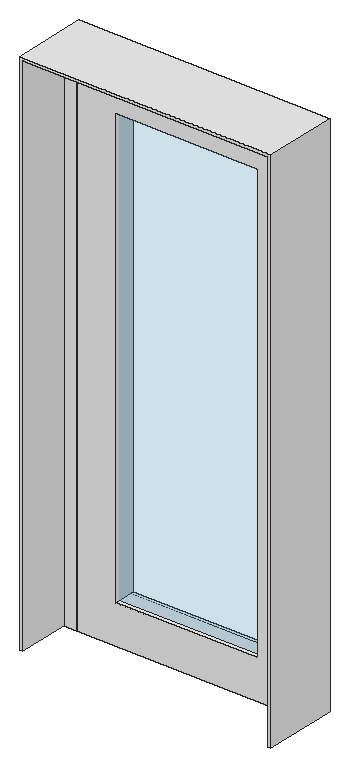
Revit family "Doorset_Entrance Door with Escape Control and Push Bar_ASSA ABLOY DE_Hardware Light", category Doors, host Wall, Revit 2015
Parameters (values of type "900 x 2110 mm (1000 x 2160 mm)")
  Uniclass 2.0 Description = "Doorsets"
  Uniclass 2.0 Code = "PR-59-23"
  Uniclass 1.4 Description = "Doors"
  Uniclass 1.4 Code = "L411"
  URL = "http://www.assaabloy.de/de/local/de/bim-spezifikationen/bim-tuerloesungen/bim/aussentuer-mit-panikstange-und-fluchttuersteuerterminal-de10/"
  Type Comments = "900 x 2110 mm (1000 x 2160 mm)"
  Thickness Constraint = if(Thickness < Minimum Thickness, Minimum Thickness, if(Thickness > Maximum Thickness, Maximum Thickness, Thickness))  # 90 mm
  Thickness = 90 mm
  Rough Width = Width + 24 mm  # 1024 mm
  Rough Height = Height + 12 mm  # 2172 mm
  Region Europe = "DE"
  Push Bar Length = Panel Width - (2 mm * 125)  # 650 mm
  Push Bar Distance From Hinge = 125 mm  # constant formula
  Push Bar Distance From Handle = 125 mm  # constant formula
  Provider = "ASSA ABLOY DE"  # constant formula
  Product Guid = "144a79a3-058c-4655-b260-41d7a545d461"
  Panic and Exit Devices_2 = "1x Door surveillance system_Flush-mounted 1385T_Effeff"  # constant formula
  Panic and Exit Devices_1 = "1x Push bar gear set (paddle)_OneSystem_ASSA ABLOY"  # constant formula
  Panel Width = Width - (2 mm * 50)  # 900 mm
  Panel Material = Steel/Aluminium
  Panel Height = Height - 50 mm  # 2110 mm
  OmniClass Title = "Doors"
  OmniClass Number = "23-17 11 00"
  Name = "Entrance Door w/ Escape Control and Push Bar"  # constant formula
  NBS Reference Description = "Doorsets"
  NBS Reference Code = "59-23"
  Model = "Doorset_Entrance Door w/ Escape Control and Push Bar_ASSA ABLOY DE_Hardware Light"  # constant formula
  Minimum Thickness = 38 mm  # constant formula
  Minimum Door Width = 900 mm  # constant formula
  Minimum Door Height = 2110 mm  # constant formula
  Maximum Thickness = 105 mm  # constant formula
  Maximum Door Width = 1500 mm  # constant formula
  Maximum Door Height = 3750 mm  # constant formula
  Manufacturer = "ASSA ABLOY"  # constant formula
  Locksets = "1x Security Panic Lock_OneSystem_ASSA ABLOY"  # constant formula
  Identity and Access Solutions = "1x Key Switch (outside) _Flush-mounted 1140_Effeff"  # constant formula
  IFC Classification = "Door"
  Hardware Set = "ES1-ML-PE-ET-DC-DE10"  # constant formula
  Function = Exterior
  Height = if(Frame Height < Minimum Door Height, Minimum Door Height + 50 mm, if(Frame Height > Maximum Door Height, Maximum Door Height + 50 mm, Frame Height))  # 2160 mm
  Wall Closure = By host
  Width = if(Frame Width < Minimum Door Width, Minimum Door Width + 100 mm, if(Frame Width > Maximum Door Width, Maximum Door Width + 100 mm, Frame Width))  # 1000 mm
  Frame Width = 1000 mm
  Frame Material = Steel/Aluminium
  Frame Height = 2160 mm
  Frame Depth [instance] = Thickness Constraint  # 90 mm
  Electronic Accessories = "1x Reed contact_10380A-6_Effeff"  # constant formula
  Edition number = 1
  Door Width [instance] = 1000 mm
  Door Height [instance] = 2160 mm
  Door Closers = "1x Door Closer DC700 with guide rail_Cam-Motion®_ASSA ABLOY"  # constant formula
  Description = "Self Closing Door with Escape route technology"  # constant formula
  Date of publishing = "22.09.2016"
  Contact Provider = "www.assaabloy.de/kontakt-tuerloesungen/"
  BIMobject Unique ref = "ES1-ML-PE-ET-DC-DE10"
  BIMobject Product Page = "http://bimobject.com/assaabloy-de/product/es1-ml-pe-et-dc-de10"
  BIMobject Product Group = "Single-Steel/Aluminium-Self Closing-Panic Device-Escape Route"
  BIMobject Product Family = "Exterior Door Solutions"
  BIMobject Instructions Video = "https://www.youtube.com/watch?v=BP0i_x6Tqq8&feature=youtu.be"
  BIMobject Brand = "ASSA ABLOY DE"
  Architectural Hardware = "1x Knob (outside)_OneSystem_ASSA ABLOY"  # constant formula
Types (8, lengths in mm): name | Type Comments | Rough Width | Rough Height | Push Bar Length | Panel Width | Panel Height | Height | Width | Frame Width | Frame Height | Door Width | Door Height
  (no name) | "900 x 2110 mm (1000 x 2160 mm)" | 1024 | 2172 | 650 | 900 | 2110 | 2160 | 1000 | 1000 | 2160 | 1000 | 2160
  900 x 2110 mm (1000 x 2160 mm) | "900 x 2110 mm (1000 x 2160 mm)" | 1024 | 2172 | 650 | 900 | 2110 | 2160 | 1000 | 1000 | 2160 | 1000 | 2160
  1000 x 2110 mm (1100 x 2160 mm) | "1000 x 2110 mm (1100 x 2160 mm)" | 1124 | 2172 | 750 | 1000 | 2110 | 2160 | 1100 | 1100 | 2160 | 1100 | 2160
  1000 x 2500 mm (1100 x 2550 mm) | "1000 x 2500 mm (1100 x 2550 mm)" | 1124 | 2562 | 750 | 1000 | 2500 | 2550 | 1100 | 1100 | 2550 | 1100 | 2550
  1000 x 3750 mm (1100 x 3800 mm) | "1000 x 3750 mm (1100 x 3800 mm)" | 1124 | 3812 | 750 | 1000 | 3750 | 3800 | 1100 | 1100 | 3800 | 1100 | 3800
  1300 x 2500 mm (1400 x 2550 mm) | "1300 x 2500 mm (1400 x 2550 mm)" | 1424 | 2562 | 1050 | 1300 | 2500 | 2550 | 1400 | 1400 | 2550 | 1400 | 2550
  1300 x 3750 mm (1400 x 3800 mm) | "1300 x 3750 mm (1400 x 3800 mm)" | 1424 | 3812 | 1050 | 1300 | 3750 | 3800 | 1400 | 1400 | 3800 | 1400 | 3800
  1500 x 3750 mm (1600 x 3800 mm) | "1500 x 3750 mm (1600 x 3800 mm)" | 1624 | 3812 | 1250 | 1500 | 3750 | 3800 | 1600 | 1600 | 3800 | 1600 | 3800
Reference planes
  plane 1: y = 0
  plane 2 "Center (Left/Right)": x = 0
  plane 3 "Exterior": y = 150
  plane 4 "Interior": y = -150
  plane 5: y = 60
  plane 6: x = 512
  plane 7: x = -512
  plane 8: z = 2172
  plane 9: x = 500
  plane 10: x = -500
  plane 11: z = 2160
  plane 12: x = 450
  plane 13: x = -450
  plane 14: z = 2110
  plane 15: x = 290
  plane 16: x = -290
  plane 17: z = 1950
  plane 18: z = 160
  plane 19: z = 1055
  plane 20: y = 135
  plane 21: y = 75
  plane 22: y = 1174
  plane 23: y = 1050
  plane 24: x = 360
  plane 25: x = -415
  plane 26: x = -662
  plane 27: x = 385.5
  plane 28: x = -325
Forms (mm)
  Extrusion 1, solid, material "Steel/Aluminium" <- "Frame Material"
    sketch origin (0, 150, 0) x (1, 0, 0) y (0, 0, 1)
      loop
        line (500, 2160) -> (-500, 2160) -> (-500, 0) -> (-450, 0) -> (-450, 2110) -> (450, 2110) -> (450, 0) -> (500, 0) -> (500, 2160)
    from 0 to 90
  Extrusion 2, solid, material "Steel/Aluminium" <- "Panel Material"
    sketch origin (0, 150, 0) x (1, 0, 0) y (0, 0, 1)
      loop
        line (-450, 2110) -> (-450, 0) -> (450, 0) -> (450, 2110) -> (-450, 2110)
      loop
        line (-290, 1950) -> (-290, 160) -> (290, 160) -> (290, 1950) -> (-290, 1950)
    from 0 to 90
  Extrusion 3, solid, material "Door Glass"
    sketch origin (0, 150, 0) x (1, 0, 0) y (0, 0, 1)
      loop
        line (-290, 1950) -> (-290, 160) -> (290, 160) -> (290, 1950) -> (-290, 1950)
    from 15 to 75
  Extrusion 4, solid, material "Steel/Aluminium" <- "Frame Material"
    sketch origin (0, 150, 0) x (1, 0, 0) y (0, 0, 1)
      loop
        line (512, 2172) -> (-512, 2172) -> (-512, 0) -> (-500, 0) -> (-500, 2160) -> (500, 2160) -> (500, 0) -> (512, 0) -> (512, 2172)
    from 0 to 300
Lines and regions (mm)
  Opening 1
    outline origin (-5000, -150, 0) x (1, 0, 0) y (0, 0, 1)
      loop
        line (5512, 2172) -> (4488, 2172) -> (4488, 0) -> (5512, 0) -> (5512, 2172)
  Masking region 1
    outline origin (-512, 150, 0) x (0, 0, 1) y (0, -1, 0)
      loop
        line (2160, 90) -> (0, 90) -> (0, 0) -> (2160, 0) -> (2160, 90)
  Masking region 2
    outline origin (0, 0, 0) x (1, 0, 0) y (0, 1, 0)
      loop
        line (-512, -150) -> (512, -150) -> (512, 150) -> (-512, 150) -> (-512, -150)
  Masking region 3, detail levels medium
    outline origin (0, 0, 0) x (1, 0, 0) y (0, 1, 0)
      loop
        line (-450, 60) -> (-450, 150) -> (-500, 150) -> (-500, 60) -> (-450, 60)
      loop
        line (450, 60) -> (500, 60) -> (500, 150) -> (450, 150) -> (450, 60)
  Masking region 4, detail levels medium
    outline origin (0, 0, 0) x (1, 0, 0) y (0, 1, 0)
      loop
        line (450, 150) -> (450, 1050) -> (360, 1050) -> (360, 150) -> (450, 150)
  Masking region 5, detail levels fine
    outline origin (0, 0, 0) x (1, 0, 0) y (0, 1, 0)
      loop
        line (450, 150) -> (450, 1050) -> (435, 1050) -> (435, 1040) -> (375, 1040) -> (375, 1030) -> (360, 1030) -> (360, 170) -> (375, 170) -> (375, 160) -> (435, 160) -> (435, 150) -> (450, 150)
  Masking region 6, detail levels fine
    outline origin (0, 0, 0) x (1, 0, 0) y (0, 1, 0)
      loop
        line (-450, 135) -> (-450, 150) -> (-500, 150) -> (-500, 60) -> (-430, 60) -> (-430, 75) -> (-440, 75) -> (-440, 135) -> (-450, 135)
      loop
        line (500, 60) -> (500, 150) -> (450, 150) -> (450, 135) -> (440, 135) -> (440, 75) -> (430, 75) -> (430, 60) -> (500, 60)
  Masking region 7, detail levels fine
    outline origin (0, 0, 0) x (1, 0, 0) y (0, 1, 0)
      loop
        line (488.444, 989) -> (504.314, 973.13) -> (519.87, 988.686) -> (497.556, 1011) -> (466, 1011) -> (466, 1016.5) -> (450, 1016.5) -> (450, 983.5) -> (466, 983.5) -> (466, 989) -> (488.444, 989)
  Masking region 8, detail levels fine
    outline origin (0, 0, 0) x (1, 0, 0) y (0, 1, 0)
      loop
        arc (504.314, 973.13) -> (549.053, 943.947) -> (519.87, 988.686) r 27.293
        line (519.87, 988.686) -> (504.314, 973.13)
  Masking region 9, not visible, detail levels fine
    outline origin (0, 0, 0) x (1, 0, 0) y (0, 1, 0)
      loop
        line (488.444, 989) -> (504.314, 973.13) -> (519.87, 988.686) -> (497.556, 1011) -> (466, 1011) -> (466, 1016.5) -> (450, 1016.5) -> (450, 983.5) -> (466, 983.5) -> (466, 989) -> (488.444, 989)
  Masking region 10, not visible, detail levels fine
    outline origin (0, 0, 0) x (1, 0, 0) y (0, 1, 0)
      loop
        arc (504.314, 973.13) -> (549.053, 943.947) -> (519.87, 988.686) r 27.293
        line (519.87, 988.686) -> (504.314, 973.13)
  Masking region 11, detail levels fine
    outline origin (0, 0, 0) x (1, 0, 0) y (0, 1, 0)
      loop
        line (360, 942.5) -> (316, 942.5) -> (316, 907.5) -> (221, 907.5) -> (221, 887.5) -> (338, 887.5) -> (338, 907.5) -> (360, 907.5) -> (360, 942.5)
  Masking region 12, not visible, detail levels fine
    outline origin (0, 0, 0) x (1, 0, 0) y (0, 1, 0)
      loop
        line (360, 942.5) -> (316, 942.5) -> (316, 907.5) -> (221, 907.5) -> (221, 887.5) -> (338, 887.5) -> (338, 907.5) -> (360, 907.5) -> (360, 942.5)
  Masking region 13, detail levels fine
    outline origin (0, 0, 0) x (1, 0, 0) y (0, 1, 0)
      loop
        line (360, 257.5) -> (360, 292.5) -> (338, 292.5) -> (338, 312.5) -> (221, 312.5) -> (221, 292.5) -> (316, 292.5) -> (316, 257.5) -> (360, 257.5)
  Masking region 14, not visible, detail levels fine
    outline origin (0, 0, 0) x (1, 0, 0) y (0, 1, 0)
      loop
        line (360, 257.5) -> (360, 292.5) -> (338, 292.5) -> (338, 312.5) -> (221, 312.5) -> (221, 292.5) -> (316, 292.5) -> (316, 257.5) -> (360, 257.5)
  Masking region 15, detail levels fine
    outline origin (0, 0, 0) x (1, 0, 0) y (0, 1, 0)
      loop
        line (226, 887.5) -> (226, 312.5) -> (251, 312.5) -> (251, 887.5) -> (226, 887.5)
  Masking region 16, detail levels fine
    outline origin (0, 0, 0) x (1, 0, 0) y (0, 1, 0)
      loop
        line (-702.5, -159.3) -> (-689.706, -159.3) -> (-689.706, -171.887) -> (-684.45, -177.142) -> (-639.575, -177.142) -> (-634.319, -171.887) -> (-634.319, -159.3) -> (-621.5, -159.3) -> (-621.5, -150) -> (-702.5, -150) -> (-702.5, -159.3)
  Masking region 17, not visible, detail levels fine
    outline origin (0, 0, 0) x (1, 0, 0) y (0, 1, 0)
      loop
        line (-702.5, -159.3) -> (-689.706, -159.3) -> (-689.706, -171.887) -> (-684.45, -177.142) -> (-639.575, -177.142) -> (-634.319, -171.887) -> (-634.319, -159.3) -> (-621.5, -159.3) -> (-621.5, -150) -> (-702.5, -150) -> (-702.5, -159.3)
  Masking region 18, detail levels fine
    outline origin (0, 0, 0) x (0, 1, 0) y (0, 0, 1)
      loop
        line (60, 2110) -> (60, 2132.942) -> (16.334, 2132.942) -> (16.334, 2110) -> (28.339, 2110) -> (28.339, 2107.15) -> (19.3, 2107.15) -> (19.3, 2093.5) -> (3, 2093.5) -> (3, 2064) -> (4, 2064) -> (4, 2059) -> (3, 2059) -> (3, 2029.5) -> (60, 2029.5) -> (60, 2093.5) -> (41.3, 2093.5) -> (41.3, 2102.15) -> (50.332, 2102.15) -> (50.332, 2110) -> (60, 2110)
  Masking region 19, not visible, detail levels fine
    outline origin (0, 0, 0) x (0, 1, 0) y (0, 0, 1)
      loop
        line (60, 2110) -> (60, 2132.942) -> (16.334, 2132.942) -> (16.334, 2110) -> (28.339, 2110) -> (28.339, 2107.15) -> (19.3, 2107.15) -> (19.3, 2093.5) -> (3, 2093.5) -> (3, 2064) -> (4, 2064) -> (4, 2059) -> (3, 2059) -> (3, 2029.5) -> (60, 2029.5) -> (60, 2093.5) -> (41.3, 2093.5) -> (41.3, 2102.15) -> (50.332, 2102.15) -> (50.332, 2110) -> (60, 2110)
  Masking region 20, detail levels fine
    outline origin (0, 0, 0) x (0, 1, 0) y (0, 0, 1)
      loop
        line (-159.3, 1161.5) -> (-159.3, 1077.5) -> (-171.887, 1077.5) -> (-176.887, 1072.5) -> (-176.887, 1027.5) -> (-171.887, 1022.5) -> (-159.3, 1022.5) -> (-159.3, 938.5) -> (-150, 938.5) -> (-150, 1161.5) -> (-159.3, 1161.5)
  Masking region 21, not visible, detail levels fine
    outline origin (0, 0, 0) x (0, 1, 0) y (0, 0, 1)
      loop
        line (-159.3, 1161.5) -> (-159.3, 1077.5) -> (-171.887, 1077.5) -> (-176.887, 1072.5) -> (-176.887, 1027.5) -> (-171.887, 1022.5) -> (-159.3, 1022.5) -> (-159.3, 938.5) -> (-150, 938.5) -> (-150, 1161.5) -> (-159.3, 1161.5)
  Masking region 22, detail levels fine
    outline origin (0, 0, 0) x (0, 1, 0) y (0, 0, 1)
      loop
        line (16.42, 1084.045) -> (16.42, 1043.679) -> (-35.741, 963.359)
        arc (-35.741, 963.359) -> (-32.519, 948.201) -> (-17.361, 951.423) r 10.958
        line (-17.361, 951.423) -> (23.557, 1014.431) -> (60, 1007.347) -> (60, 1092.347) -> (16.42, 1084.045)
  Masking region 23, not visible, detail levels fine
    outline origin (0, 0, 0) x (0, 1, 0) y (0, 0, 1)
      loop
        line (16.42, 1084.045) -> (16.42, 1043.679) -> (-35.741, 963.359)
        arc (-35.741, 963.359) -> (-32.519, 948.201) -> (-17.361, 951.423) r 10.958
        line (-17.361, 951.423) -> (23.557, 1014.431) -> (60, 1007.347) -> (60, 1092.347) -> (16.42, 1084.045)
  Masking region 24, detail levels fine
    outline origin (0, 0, 0) x (0, 1, 0) y (0, 0, 1)
      loop
        line (150, 1155) -> (150, 900) -> (166, 900) -> (166, 1040.5) -> (204.75, 1040.5)
        arc (204.75, 1040.5) -> (257.21, 1050) -> (204.75, 1059.5) r 27.09
        line (204.75, 1059.5) -> (166, 1059.5) -> (166, 1155) -> (150, 1155)
  Masking region 25, not visible, detail levels fine
    outline origin (0, 0, 0) x (0, 1, 0) y (0, 0, 1)
      loop
        line (150, 1155) -> (150, 900) -> (166, 900) -> (166, 1040.5) -> (204.75, 1040.5)
        arc (204.75, 1040.5) -> (257.21, 1050) -> (204.75, 1059.5) r 27.09
        line (204.75, 1059.5) -> (166, 1059.5) -> (166, 1155) -> (150, 1155)
  symbolic lines, style "Elevation Swing"
    curve 1: line (450, 150, 2110) -> (-450, 150, 1055)
    curve 2: line (-450, 150, 1055) -> (450, 150, 0)
  symbolic lines, style "Doors", detail levels medium+fine
    curve 3: line (-512, 150, 2110) -> (-512, 60, 2110)
    curve 4: line (-512, 150, 1950) -> (-512, 60, 1950)
    curve 5: line (-512, 150, 160) -> (-512, 60, 160)
  symbolic lines, style "Doors", detail levels fine
    curve 6: line (-512, 105, 1950) -> (-512, 105, 160)
  symbolic lines, style "DoorsPanelProjection", detail levels coarse
    curve 7: line (512, 150, 0) -> (512, 1174, 0)
  symbolic lines, style "Plan Swing", detail levels coarse
    curve 8: arc (-512, 150, 0) -> (-212.077, 874.077, 0) -> (512, 1174, 0) r 1024
  symbolic lines, detail levels fine
    curve 9: line (450, 150, 0) -> (-450, 150, 0)
    curve 10: line (-450, 60, 0) -> (450, 60, 0)
    curve 12: line (466, 1011, 0) -> (466, 989, 0)
    curve 14: line (316, 907.5, 0) -> (338, 907.5, 0)
    curve 16: line (338, 292.5, 0) -> (316, 292.5, 0)
    curve 18: line (-689.706, -159.3, 0) -> (-634.319, -159.3, 0)
    curve 19: line (-634.319, -171.887, 0) -> (-689.706, -171.887, 0)
    curve 22: line (0, 28.339, 2110) -> (0, 50.332, 2110)
    curve 23: line (0, 28.339, 2107.15) -> (0, 50.335, 2107.15)
    curve 24: line (0, 41.297, 2102.15) -> (0, 19.303, 2102.15)
    curve 25: line (0, 19.3, 2093.5) -> (0, 41.3, 2093.5)
    curve 26: line (0, 45, 2078.5) -> (0, 60, 2078.5)
    curve 27: line (0, 60, 2073.5) -> (0, 45, 2073.5)
    curve 28: line (0, 60, 2044.5) -> (0, 45, 2044.5)
    curve 29: line (0, 45, 2049.5) -> (0, 60, 2049.5)
    curve 30: arc (0, 45, 2049.5) -> (0, 33, 2061.5) -> (0, 45, 2073.5) r 12
    curve 31: arc (0, 28.185, 2059) -> (0, 33.898, 2048.626) -> (0, 45, 2044.5) r 17
    curve 32: arc (0, 45, 2078.5) -> (0, 33.898, 2074.374) -> (0, 28.185, 2064) r 17
    curve 33: line (0, 4, 2064) -> (0, 28.185, 2064)
    curve 34: line (0, 28.185, 2059) -> (0, 4, 2059)
    curve 48: line (0, -171.887, 1077.5) -> (0, -171.887, 1022.5)
    curve 49: line (0, -159.3, 1022.5) -> (0, -159.3, 1077.5)
    curve 52: line (0, 16.42, 1043.679) -> (0, 16.42, 1015.818)
    curve 53: line (0, 23.557, 1014.431) -> (0, 16.42, 1015.818)
    curve 56: line (0, 166, 1059.5) -> (0, 166, 1040.5)
    curve 57: arc (0, 204.75, 1059.5) -> (0, 203.227, 1050) -> (0, 204.75, 1040.5) r 30.382
  symbolic lines, style "Plan Swing", detail levels medium+fine
    curve 11: arc (-450, 150, 0) -> (-186.396, 786.396, 0) -> (450, 1050, 0) r 900
  symbolic lines, not visible, detail levels fine
    curve 13: line (466, 1011, 0) -> (466, 989, 0)
    curve 15: line (316, 907.5, 0) -> (338, 907.5, 0)
    curve 17: line (338, 292.5, 0) -> (316, 292.5, 0)
    curve 20: line (-689.706, -159.3, 0) -> (-634.319, -159.3, 0)
    curve 21: line (-634.319, -171.887, 0) -> (-689.706, -171.887, 0)
    curve 35: line (0, 28.339, 2110) -> (0, 50.332, 2110)
    curve 36: line (0, 28.339, 2107.15) -> (0, 50.335, 2107.15)
    curve 37: line (0, 41.297, 2102.15) -> (0, 19.303, 2102.15)
    curve 38: line (0, 19.3, 2093.5) -> (0, 41.3, 2093.5)
    curve 39: line (0, 45, 2078.5) -> (0, 60, 2078.5)
    curve 40: line (0, 60, 2073.5) -> (0, 45, 2073.5)
    curve 41: line (0, 60, 2044.5) -> (0, 45, 2044.5)
    curve 42: line (0, 45, 2049.5) -> (0, 60, 2049.5)
    curve 43: arc (0, 45, 2049.5) -> (0, 33, 2061.5) -> (0, 45, 2073.5) r 12
    curve 44: arc (0, 28.185, 2059) -> (0, 33.898, 2048.626) -> (0, 45, 2044.5) r 17
    curve 45: arc (0, 45, 2078.5) -> (0, 33.898, 2074.374) -> (0, 28.185, 2064) r 17
    curve 46: line (0, 4, 2064) -> (0, 28.185, 2064)
    curve 47: line (0, 28.185, 2059) -> (0, 4, 2059)
    curve 50: line (0, -171.887, 1077.5) -> (0, -171.887, 1022.5)
    curve 51: line (0, -159.3, 1022.5) -> (0, -159.3, 1077.5)
    curve 54: line (0, 16.42, 1043.679) -> (0, 16.42, 1015.818)
    curve 55: line (0, 23.557, 1014.431) -> (0, 16.42, 1015.818)
    curve 58: line (0, 166, 1059.5) -> (0, 166, 1040.5)
    curve 59: arc (0, 204.75, 1059.5) -> (0, 203.227, 1050) -> (0, 204.75, 1040.5) r 30.382
  model lines, style "Assa Abloy Hardware", detail levels fine
    curve 60: line (-118, 60, 2133) -> (385.5, 60, 2133)
    curve 61: line (-118, 60, 2110) -> (-118, 60, 2133)
    curve 62: line (385.5, 60, 2110) -> (-118, 60, 2110)
    curve 63: line (385.5, 60, 2133) -> (385.5, 60, 2110)
    curve 64: line (115.5, 60, 2093.5) -> (385.5, 60, 2093.5)
    curve 65: line (115.5, 60, 2029.5) -> (115.5, 60, 2093.5)
    curve 66: line (385.5, 60, 2029.5) -> (115.5, 60, 2029.5)
    curve 67: line (385.5, 60, 2093.5) -> (385.5, 60, 2029.5)
    curve 68: line (115.5, 60, 2064) -> (385.5, 60, 2064)
    curve 69: line (385.5, 60, 2059) -> (115.5, 60, 2059)
    curve 70: line (116.5, 60, 2059) -> (116.5, 60, 2064)
    curve 71: line (384.5, 60, 2064) -> (384.5, 60, 2059)
    curve 72: line (308, 60, 2107.15) -> (308, 60, 2093.5)
    curve 73: line (286, 60, 2102.15) -> (286, 60, 2093.5)
    curve 74: line (308, 60, 2102.15) -> (-83.89, 60, 2102.15)
    curve 75: line (-83.89, 60, 2102.15) -> (-83.89, 60, 2110)
    curve 76: line (-83.89, 60, 2107.15) -> (308, 60, 2107.15)
    curve 77: line (-61.791, 60, 2107.15) -> (-61.791, 60, 2110)
    curve 96: arc (-342.251, 60, 1074.867) -> (-325, 60, 1092.118) -> (-307.749, 60, 1074.867) r 17.251
    curve 97: line (-342.251, 60, 1025.133) -> (-342.251, 60, 1074.867)
    curve 98: arc (-307.749, 60, 1025.133) -> (-325, 60, 1007.882) -> (-342.251, 60, 1025.133) r 17.251
    curve 99: line (-307.749, 60, 1074.867) -> (-307.749, 60, 1057.681)
    curve 100: line (-309.898, 60, 1031.171) -> (-309.898, 60, 1068.829)
    curve 101: arc (-309.898, 60, 1068.829) -> (-324.999, 60, 1083.93) -> (-340.101, 60, 1068.829) r 15.101
    curve 102: line (-340.101, 60, 1068.829) -> (-340.101, 60, 1031.171)
    curve 103: arc (-340.101, 60, 1031.171) -> (-324.999, 60, 1016.07) -> (-309.898, 60, 1031.171) r 15.101
    curve 104: line (-295.049, 60, 1060.7) -> (-275, 60, 1060.7)
    curve 105: line (-275, 60, 946.765) -> (-295.049, 60, 946.765)
    curve 106: line (-295.049, 60, 946.765) -> (-295.049, 60, 1060.7)
    curve 107: line (-275, 60, 946.765) -> (-275, 60, 1060.7)
    curve 108: line (-295.049, 60, 1041.719) -> (-307.749, 60, 1041.719)
    curve 109: line (-307.749, 60, 1057.681) -> (-295.049, 60, 1057.681)
    curve 110: line (-309.069, 60, 1057.681) -> (-309.069, 60, 1041.719)
    curve 111: line (-307.749, 60, 1041.719) -> (-307.749, 60, 1025.133)
    curve 112: arc (342.251, 60, 1074.867) -> (325, 60, 1092.118) -> (307.749, 60, 1074.867) r 17.251
    curve 113: line (342.251, 60, 1025.133) -> (342.251, 60, 1074.867)
    curve 114: arc (307.749, 60, 1025.133) -> (325, 60, 1007.882) -> (342.251, 60, 1025.133) r 17.251
    curve 115: line (307.749, 60, 1074.867) -> (307.749, 60, 1057.681)
    curve 116: line (309.898, 60, 1031.171) -> (309.898, 60, 1068.829)
    curve 117: arc (309.898, 60, 1068.829) -> (324.999, 60, 1083.93) -> (340.101, 60, 1068.829) r 15.101
    curve 118: line (340.101, 60, 1068.829) -> (340.101, 60, 1031.171)
    curve 119: arc (340.101, 60, 1031.171) -> (324.999, 60, 1016.07) -> (309.898, 60, 1031.171) r 15.101
    curve 120: line (295.049, 60, 1060.7) -> (275, 60, 1060.7)
    curve 121: line (275, 60, 946.765) -> (295.049, 60, 946.765)
    curve 122: line (295.049, 60, 946.765) -> (295.049, 60, 1060.7)
    curve 123: line (275, 60, 946.765) -> (275, 60, 1060.7)
    curve 124: line (295.049, 60, 1041.719) -> (307.749, 60, 1041.719)
    curve 125: line (307.749, 60, 1057.681) -> (295.049, 60, 1057.681)
    curve 126: line (309.069, 60, 1057.681) -> (309.069, 60, 1041.719)
    curve 127: line (307.749, 60, 1041.719) -> (307.749, 60, 1025.133)
    curve 144: line (-307.749, 60, 1057.681) -> (-309.069, 60, 1057.681)
    curve 145: line (-307.749, 60, 1041.719) -> (-309.069, 60, 1041.719)
    curve 164: line (307.749, 60, 1057.681) -> (309.069, 60, 1057.681)
    curve 165: line (307.749, 60, 1041.719) -> (309.069, 60, 1041.719)
    curve 168: line (-275, 60, 979.122) -> (275, 60, 979.122)
    curve 169: line (275, 60, 979.122) -> (275, 60, 949.747)
    curve 170: line (275, 60, 949.747) -> (-275, 60, 949.747)
    curve 171: line (-275, 60, 949.747) -> (-275, 60, 979.122)
    curve 172: line (-702.5, -150, 1161.5) -> (-621.5, -150, 1161.5)
    curve 173: line (-702.5, -150, 1161.5) -> (-702.5, -150, 938.5)
    curve 174: line (-621.5, -150, 938.5) -> (-621.5, -150, 1161.5)
    curve 175: line (-702.5, -150, 938.5) -> (-621.5, -150, 938.5)
    curve 176: line (-689.5, -150, 951.5) -> (-634.5, -150, 951.5)
    curve 177: line (-634.5, -150, 951.5) -> (-634.5, -150, 1006.5)
    curve 178: line (-634.5, -150, 1006.5) -> (-689.5, -150, 1006.5)
    curve 179: line (-689.5, -150, 951.5) -> (-689.5, -150, 1006.5)
    curve 180: arc (-657, -150, 972.126) -> (-662, -150, 987.5) -> (-667, -150, 972.126) r 8.5
    curve 181: line (-667, -150, 972.126) -> (-667, -150, 959.5)
    curve 182: line (-657, -150, 959.5) -> (-657, -150, 972.126)
    curve 183: arc (-667, -150, 959.5) -> (-662, -150, 954.5) -> (-657, -150, 959.5) r 5
    curve 184: line (-689.5, -150, 1022.5) -> (-634.5, -150, 1022.5)
    curve 185: line (-689.5, -150, 1022.5) -> (-689.5, -150, 1077.5)
    curve 186: line (-634.5, -150, 1077.5) -> (-689.5, -150, 1077.5)
    curve 187: line (-634.5, -150, 1022.5) -> (-634.5, -150, 1077.5)
    curve 188: line (-639.5, -150, 1031.03) -> (-639.5, -150, 1068.97)
    curve 189: line (-639.5, -150, 1068.97) -> (-643.03, -150, 1072.5)
    curve 190: line (-643.03, -150, 1072.5) -> (-680.97, -150, 1072.5)
    curve 191: line (-680.97, -150, 1072.5) -> (-684.5, -150, 1068.97)
    curve 192: line (-684.5, -150, 1068.97) -> (-684.5, -150, 1031.03)
    curve 193: line (-684.5, -150, 1031.03) -> (-680.97, -150, 1027.5)
    curve 194: line (-680.97, -150, 1027.5) -> (-643.03, -150, 1027.5)
    curve 195: line (-643.03, -150, 1027.5) -> (-639.5, -150, 1031.03)
    curve 196: line (-689.5, -150, 1093.5) -> (-634.5, -150, 1093.5)
    curve 197: line (-634.5, -150, 1093.5) -> (-634.5, -150, 1148.5)
    curve 198: line (-634.5, -150, 1148.5) -> (-689.5, -150, 1148.5)
    curve 199: line (-689.5, -150, 1093.5) -> (-689.5, -150, 1148.5)
    curve 200: arc (-647, -150, 1050) -> (-662, -150, 1065) -> (-677, -150, 1050) r 15
    curve 201: arc (-677, -150, 1050) -> (-662, -150, 1035) -> (-647, -150, 1050) r 15
    curve 232: line (-617, 150, 1100) -> (-707, 150, 1100)
    curve 233: line (-617, 150, 1000) -> (-617, 150, 1100)
    curve 234: line (-707, 150, 1000) -> (-617, 150, 1000)
    curve 235: line (-707, 150, 1100) -> (-707, 150, 1000)
    curve 236: arc (-667, 150, 1051.126) -> (-662, 150, 1066.5) -> (-657, 150, 1051.126) r 8.5
    curve 237: arc (-657, 150, 1038.5) -> (-662, 150, 1033.5) -> (-667, 150, 1038.5) r 5
    curve 238: line (-657, 150, 1051.126) -> (-657, 150, 1038.5)
    curve 239: line (-667, 150, 1038.5) -> (-667, 150, 1051.126)
    curve 248: arc (-398.447, 150, 1138.5) -> (-414.974, 150, 1155.026) -> (-431.5, 150, 1138.5) r 16.526
    curve 249: line (-431.5, 150, 1138.5) -> (-431.5, 150, 916.5)
    curve 250: arc (-431.5, 150, 916.5) -> (-414.974, 150, 899.974) -> (-398.447, 150, 916.5) r 16.526
    curve 251: line (-398.447, 150, 916.5) -> (-398.447, 150, 1031.572)
    curve 252: line (-398.447, 150, 1138.5) -> (-398.447, 150, 1068.428)
    curve 253: line (-415, 150, 1061.022) -> (-403.236, 150, 1061.022)
    curve 254: circle (-378.067, 150, 1050) r 27.477 normal (0, 1, 0)
    curve 255: arc (-415, 150, 1061.022) -> (-426.011, 150, 1050.011) -> (-415, 150, 1039) r 11.011
    curve 256: line (-415, 150, 1039) -> (-403.245, 150, 1039)
  model lines, style "Assa Abloy Hardware", not visible, detail levels fine
    curve 78: line (-68, 60, 2133) -> (435.5, 60, 2133)
    curve 79: line (-68, 60, 2110) -> (-68, 60, 2133)
    curve 80: line (435.5, 60, 2110) -> (-68, 60, 2110)
    curve 81: line (435.5, 60, 2133) -> (435.5, 60, 2110)
    curve 82: line (165.5, 60, 2093.5) -> (435.5, 60, 2093.5)
    curve 83: line (165.5, 60, 2029.5) -> (165.5, 60, 2093.5)
    curve 84: line (435.5, 60, 2029.5) -> (165.5, 60, 2029.5)
    curve 85: line (435.5, 60, 2093.5) -> (435.5, 60, 2029.5)
    curve 86: line (165.5, 60, 2064) -> (435.5, 60, 2064)
    curve 87: line (435.5, 60, 2059) -> (165.5, 60, 2059)
    curve 88: line (166.5, 60, 2059) -> (166.5, 60, 2064)
    curve 89: line (434.5, 60, 2064) -> (434.5, 60, 2059)
    curve 90: line (358, 60, 2107.15) -> (358, 60, 2093.5)
    curve 91: line (336, 60, 2102.15) -> (336, 60, 2093.5)
    curve 92: line (358, 60, 2102.15) -> (-33.89, 60, 2102.15)
    curve 93: line (-33.89, 60, 2102.15) -> (-33.89, 60, 2110)
    curve 94: line (-33.89, 60, 2107.15) -> (358, 60, 2107.15)
    curve 95: line (-11.791, 60, 2107.15) -> (-11.791, 60, 2110)
    curve 128: arc (-392.251, 60, 1074.867) -> (-375, 60, 1092.118) -> (-357.749, 60, 1074.867) r 17.251
    curve 129: line (-392.251, 60, 1025.133) -> (-392.251, 60, 1074.867)
    curve 130: arc (-357.749, 60, 1025.133) -> (-375, 60, 1007.882) -> (-392.251, 60, 1025.133) r 17.251
    curve 131: line (-357.749, 60, 1074.867) -> (-357.749, 60, 1057.681)
    curve 132: line (-359.898, 60, 1031.171) -> (-359.898, 60, 1068.829)
    curve 133: arc (-359.898, 60, 1068.829) -> (-374.999, 60, 1083.93) -> (-390.101, 60, 1068.829) r 15.101
    curve 134: line (-390.101, 60, 1068.829) -> (-390.101, 60, 1031.171)
    curve 135: arc (-390.101, 60, 1031.171) -> (-374.999, 60, 1016.07) -> (-359.898, 60, 1031.171) r 15.101
    curve 136: line (-345.049, 60, 1060.7) -> (-325, 60, 1060.7)
    curve 137: line (-325, 60, 946.765) -> (-345.049, 60, 946.765)
    curve 138: line (-345.049, 60, 946.765) -> (-345.049, 60, 1060.7)
    curve 139: line (-325, 60, 946.765) -> (-325, 60, 1060.7)
    curve 140: line (-345.049, 60, 1041.719) -> (-357.749, 60, 1041.719)
    curve 141: line (-357.749, 60, 1057.681) -> (-345.049, 60, 1057.681)
    curve 142: line (-359.069, 60, 1057.681) -> (-359.069, 60, 1041.719)
    curve 143: line (-357.749, 60, 1041.719) -> (-357.749, 60, 1025.133)
    curve 146: line (-357.749, 60, 1057.681) -> (-359.069, 60, 1057.681)
    curve 147: line (-357.749, 60, 1041.719) -> (-359.069, 60, 1041.719)
    curve 148: arc (392.251, 60, 1074.867) -> (375, 60, 1092.118) -> (357.749, 60, 1074.867) r 17.251
    curve 149: line (392.251, 60, 1025.133) -> (392.251, 60, 1074.867)
    curve 150: arc (357.749, 60, 1025.133) -> (375, 60, 1007.882) -> (392.251, 60, 1025.133) r 17.251
    curve 151: line (357.749, 60, 1074.867) -> (357.749, 60, 1057.681)
    curve 152: line (359.898, 60, 1031.171) -> (359.898, 60, 1068.829)
    curve 153: arc (359.898, 60, 1068.829) -> (374.999, 60, 1083.93) -> (390.101, 60, 1068.829) r 15.101
    curve 154: line (390.101, 60, 1068.829) -> (390.101, 60, 1031.171)
    curve 155: arc (390.101, 60, 1031.171) -> (374.999, 60, 1016.07) -> (359.898, 60, 1031.171) r 15.101
    curve 156: line (345.049, 60, 1060.7) -> (325, 60, 1060.7)
    curve 157: line (325, 60, 946.765) -> (345.049, 60, 946.765)
    curve 158: line (345.049, 60, 946.765) -> (345.049, 60, 1060.7)
    curve 159: line (325, 60, 946.765) -> (325, 60, 1060.7)
    curve 160: line (345.049, 60, 1041.719) -> (357.749, 60, 1041.719)
    curve 161: line (357.749, 60, 1057.681) -> (345.049, 60, 1057.681)
    curve 162: line (359.069, 60, 1057.681) -> (359.069, 60, 1041.719)
    curve 163: line (357.749, 60, 1041.719) -> (357.749, 60, 1025.133)
    curve 166: line (357.749, 60, 1057.681) -> (359.069, 60, 1057.681)
    curve 167: line (357.749, 60, 1041.719) -> (359.069, 60, 1041.719)
    curve 202: line (-752.5, -150, 1161.5) -> (-671.5, -150, 1161.5)
    curve 203: line (-752.5, -150, 1161.5) -> (-752.5, -150, 938.5)
    curve 204: line (-671.5, -150, 938.5) -> (-671.5, -150, 1161.5)
    curve 205: line (-752.5, -150, 938.5) -> (-671.5, -150, 938.5)
    curve 206: line (-739.5, -150, 951.5) -> (-684.5, -150, 951.5)
    curve 207: line (-684.5, -150, 951.5) -> (-684.5, -150, 1006.5)
    curve 208: line (-684.5, -150, 1006.5) -> (-739.5, -150, 1006.5)
    curve 209: line (-739.5, -150, 951.5) -> (-739.5, -150, 1006.5)
    curve 210: arc (-707, -150, 972.126) -> (-712, -150, 987.5) -> (-717, -150, 972.126) r 8.5
    curve 211: line (-717, -150, 972.126) -> (-717, -150, 959.5)
    curve 212: line (-707, -150, 959.5) -> (-707, -150, 972.126)
    curve 213: arc (-717, -150, 959.5) -> (-712, -150, 954.5) -> (-707, -150, 959.5) r 5
    curve 214: line (-739.5, -150, 1022.5) -> (-684.5, -150, 1022.5)
    curve 215: line (-739.5, -150, 1022.5) -> (-739.5, -150, 1077.5)
    curve 216: line (-684.5, -150, 1077.5) -> (-739.5, -150, 1077.5)
    curve 217: line (-684.5, -150, 1022.5) -> (-684.5, -150, 1077.5)
    curve 218: line (-689.5, -150, 1031.03) -> (-689.5, -150, 1068.97)
    curve 219: line (-689.5, -150, 1068.97) -> (-693.03, -150, 1072.5)
    curve 220: line (-693.03, -150, 1072.5) -> (-730.97, -150, 1072.5)
    curve 221: line (-730.97, -150, 1072.5) -> (-734.5, -150, 1068.97)
    curve 222: line (-734.5, -150, 1068.97) -> (-734.5, -150, 1031.03)
    curve 223: line (-734.5, -150, 1031.03) -> (-730.97, -150, 1027.5)
    curve 224: line (-730.97, -150, 1027.5) -> (-693.03, -150, 1027.5)
    curve 225: line (-693.03, -150, 1027.5) -> (-689.5, -150, 1031.03)
    curve 226: line (-739.5, -150, 1093.5) -> (-684.5, -150, 1093.5)
    curve 227: line (-684.5, -150, 1093.5) -> (-684.5, -150, 1148.5)
    curve 228: line (-684.5, -150, 1148.5) -> (-739.5, -150, 1148.5)
    curve 229: line (-739.5, -150, 1093.5) -> (-739.5, -150, 1148.5)
    curve 230: arc (-697, -150, 1050) -> (-712, -150, 1065) -> (-727, -150, 1050) r 15
    curve 231: arc (-727, -150, 1050) -> (-712, -150, 1035) -> (-697, -150, 1050) r 15
    curve 240: line (-667, 150, 1100) -> (-757, 150, 1100)
    curve 241: line (-667, 150, 1000) -> (-667, 150, 1100)
    curve 242: line (-757, 150, 1000) -> (-667, 150, 1000)
    curve 243: line (-757, 150, 1100) -> (-757, 150, 1000)
    curve 244: arc (-717, 150, 1051.126) -> (-712, 150, 1066.5) -> (-707, 150, 1051.126) r 8.5
    curve 245: arc (-707, 150, 1038.5) -> (-712, 150, 1033.5) -> (-717, 150, 1038.5) r 5
    curve 246: line (-707, 150, 1051.126) -> (-707, 150, 1038.5)
    curve 247: line (-717, 150, 1038.5) -> (-717, 150, 1051.126)
    curve 257: arc (-448.447, 150, 1138.5) -> (-464.974, 150, 1155.026) -> (-481.5, 150, 1138.5) r 16.526
    curve 258: line (-481.5, 150, 1138.5) -> (-481.5, 150, 916.5)
    curve 259: arc (-481.5, 150, 916.5) -> (-464.974, 150, 899.974) -> (-448.447, 150, 916.5) r 16.526
    curve 260: line (-448.447, 150, 916.5) -> (-448.447, 150, 1031.572)
    curve 261: line (-448.447, 150, 1138.5) -> (-448.447, 150, 1068.428)
    curve 262: line (-465, 150, 1061.022) -> (-453.236, 150, 1061.022)
    curve 263: circle (-428.067, 150, 1050) r 27.477 normal (0, 1, 0)
    curve 264: arc (-465, 150, 1061.022) -> (-476.011, 150, 1050.011) -> (-465, 150, 1039) r 11.011
    curve 265: line (-465, 150, 1039) -> (-453.245, 150, 1039)
Text (mm)
  text "Exterior" at (-2582.17, 525.235, 0), in view "Ref. Level"
  text "Exterior" at (0, 1615.38, 3698.081), in view "Left"
  text "Exterior" at (0, 1036.032, 3874.932), in view "Right"
Dimensions and locks
  locked: plane 3 "Exterior" to host wall at 0
  locked: plane 4 "Interior" to host wall
  "Thickness Constraint": plane 5 to plane 3 "Exterior"
  equal spacing: plane 7, plane 2 "Center (Left/Right)", plane 6
  "Rough Width": plane 7 to plane 6
  "Rough Height": level to plane 8
  locked: plane 9 to plane 6 at 12
  locked: plane 12 to plane 9 at 50
  locked: plane 10 to plane 7 at 12
  locked: plane 13 to plane 10 at 50
  plane 14 to plane 11 to plane 8 = 50 mm locked, 12 mm locked
  locked: plane 15 to plane 12 at 160
  locked: plane 16 to plane 13 at 160
  locked: plane 17 to plane 14 at 160
  locked: level to plane 18 at 160
  equal spacing: plane 18, plane 19, plane 17
  "Door Width": plane 10 to plane 9
  "Door Height": level to plane 11
  locked: plane 20 to plane 3 "Exterior" at 15
  locked: plane 21 to plane 5 at 15
  equal spacing: plane 5, curve 6, plane 3 "Exterior"
  "Rough Width": plane 3 "Exterior" to plane 22
  "Panel Width": plane 3 "Exterior" to plane 23
  "Thickness Constraint": plane 24 to plane 12
  locked: plane 24 to Masking region 5 sketch curve at 15  (x2)
  locked: plane 25 to plane 13 at 35
  locked: plane 7 to plane 26 at 150
  locked: plane 27 to plane 12 at 64.5
  locked: plane 16 to plane 28 at 35
  locked: plane 23 to Masking region 7 at 39
  locked: plane 23 to Masking region 11 at 107.5
  locked: plane 3 "Exterior" to Masking region 13 at 107.5
  locked: plane 23 to Masking region 15 at 162.5
  locked: plane 3 "Exterior" to Masking region 15 at 162.5
  Masking region 15 to Masking region 15 to plane 24 = 25 mm locked, 109 mm locked
  locked: plane 26 to Masking region 16 at 27.681
  locked: plane 18 to Masking region 20 at 778.5
  locked: plane 18 to Masking region 22 at 924.045
  locked: plane 18 to Masking region 24 at 880.5
  locked: plane 28 to curve 106 at 29.951
  locked: curve 123 to plane 15 at 15
  locked: curve 105 to plane 18 at 786.765
  locked: curve 121 to plane 18 at 786.765
  locked: plane 28 to curve 171 at 50
  locked: curve 169 to plane 15 at 15
  curve 168 to curve 170 to plane 18 = 29.375 mm locked, 789.747 mm locked
  locked: plane 26 to curve 173 at 40.5
  locked: curve 175 to plane 18 at 778.5
  locked: curve 233 to plane 26 at 45
  locked: plane 18 to curve 234 at 840
  locked: curve 251 to plane 25 at 16.553
  locked: plane 18 to curve 256 at 879
  aligned and locked: plane 1 to host wall
  aligned and locked: plane 8 to Opening 1 sketch curve
  aligned and locked: plane 6 to Opening 1 sketch curve
  aligned and locked: Opening 1 sketch curve to plane 7
  aligned and locked: level to Opening 1 sketch curve
  aligned and locked: plane 9 to Extrusion 1 sketch curve
  aligned and locked: plane 12 to Extrusion 1 sketch curve
  aligned and locked: plane 11 to Extrusion 1 sketch curve
  aligned and locked: plane 14 to Extrusion 1 sketch curve
  aligned and locked: Extrusion 1 sketch curve to plane 13
  aligned and locked: Extrusion 1 sketch curve to plane 10
  aligned and locked: level to Extrusion 1 sketch curve  (x2)
  aligned and locked: Extrusion 1 to plane 3 "Exterior"
  aligned and locked: Extrusion 1 to plane 5
  aligned and locked: plane 14 to Extrusion 2 sketch curve
  aligned and locked: plane 17 to Extrusion 2 sketch curve
  aligned and locked: Extrusion 2 sketch curve to plane 13
  aligned and locked: Extrusion 2 sketch curve to plane 16
  aligned and locked: plane 15 to Extrusion 2 sketch curve
  aligned and locked: plane 12 to Extrusion 2 sketch curve
  aligned and locked: plane 18 to Extrusion 2 sketch curve
  aligned and locked: level to Extrusion 2 sketch curve
  aligned and locked: Extrusion 2 to plane 3 "Exterior"
  aligned and locked: Extrusion 2 to plane 5
  aligned and locked: plane 17 to Extrusion 3 sketch curve
  aligned and locked: Extrusion 3 sketch curve to plane 16
  aligned and locked: plane 15 to Extrusion 3 sketch curve
  aligned and locked: plane 18 to Extrusion 3 sketch curve
  aligned and locked: Extrusion 3 to plane 20
  aligned and locked: plane 21 to Extrusion 3
  aligned and locked: Masking region 1 sketch curve to level
  aligned and locked: Masking region 1 sketch curve to plane 3 "Exterior"
  aligned and locked: curve 3 to plane 14
  aligned and locked: curve 4 to plane 17
  aligned and locked: curve 5 to plane 18
  aligned and locked: plane 3 "Exterior" to curve 5
  aligned and locked: curve 4 to plane 3 "Exterior"
  aligned and locked: curve 3 to plane 3 "Exterior"
  aligned and locked: plane 17 to curve 6
  aligned and locked: plane 18 to curve 6
  aligned and locked: curve 7 to plane 6
  aligned and locked: plane 3 "Exterior" to curve 7
  aligned and locked: plane 22 to curve 7
  aligned and locked: plane 7 to Masking region 2 sketch curve
  aligned and locked: Masking region 2 sketch curve to plane 6
  aligned and locked: Masking region 2 sketch curve to plane 3 "Exterior"
  aligned and locked: Masking region 2 sketch curve to plane 4 "Interior"
  aligned and locked: plane 13 to Masking region 3 sketch curve
  aligned and locked: plane 10 to Masking region 3 sketch curve
  aligned and locked: Masking region 3 sketch curve to plane 5  (x2)
  aligned and locked: Masking region 3 sketch curve to plane 3 "Exterior"  (x2)
  aligned and locked: Masking region 3 sketch curve to plane 12
  aligned and locked: Masking region 3 sketch curve to plane 9
  aligned and locked: Masking region 4 sketch curve to plane 12
  aligned and locked: Masking region 4 sketch curve to plane 24
  aligned and locked: Masking region 4 sketch curve to plane 23
  aligned and locked: Masking region 4 sketch curve to plane 3 "Exterior"
  aligned and locked: Masking region 5 sketch curve to plane 12
  aligned and locked: Masking region 5 sketch curve to plane 24
  aligned and locked: Masking region 5 sketch curve to plane 23
  aligned and locked: Masking region 5 sketch curve to plane 3 "Exterior"
  aligned and locked: plane 13 to Masking region 6 sketch curve
  aligned and locked: plane 10 to Masking region 6 sketch curve
  aligned and locked: Masking region 6 sketch curve to plane 3 "Exterior"  (x2)
  aligned and locked: Masking region 6 sketch curve to plane 5  (x2)
  aligned and locked: Masking region 6 sketch curve to plane 21
  aligned and locked: Masking region 6 sketch curve to plane 20
  aligned and locked: Masking region 6 sketch curve to plane 9
  aligned and locked: Masking region 6 sketch curve to plane 12
  aligned and locked: plane 20 to Masking region 6 sketch curve
  aligned and locked: plane 21 to Masking region 6 sketch curve
  aligned and locked: curve 9 to plane 3 "Exterior"
  aligned and locked: curve 10 to plane 5
  aligned and locked: plane 13 to curve 9
  aligned and locked: plane 12 to curve 9
  aligned and locked: plane 12 to curve 10
  aligned and locked: plane 13 to curve 10
  aligned and locked: Masking region 1 sketch curve to plane 11
  aligned and locked: Masking region 1 sketch curve to plane 5
  aligned and locked: plane 8 to Extrusion 4 sketch curve
  aligned and locked: plane 11 to Extrusion 4 sketch curve
  aligned and locked: plane 6 to Extrusion 4 sketch curve
  aligned and locked: plane 9 to Extrusion 4 sketch curve
  aligned and locked: Extrusion 4 sketch curve to plane 10
  aligned and locked: Extrusion 4 sketch curve to plane 7
  aligned and locked: level to Extrusion 4 sketch curve  (x2)
  aligned and locked: plane 4 "Interior" to Extrusion 4
  aligned and locked: Extrusion 4 to plane 3 "Exterior"
  aligned and locked: plane 5 to curve 5
  aligned and locked: plane 5 to curve 3
  aligned and locked: plane 5 to curve 4
  aligned and locked: plane 12 to Masking region 7
  aligned and locked: plane 24 to Masking region 11
  aligned and locked: plane 24 to Masking region 13
  aligned and locked: Masking region 16 to plane 4 "Interior"
  aligned and locked: Masking region 18 to plane 14
  aligned and locked: Masking region 18 to plane 5
  aligned and locked: plane 4 "Interior" to Masking region 20
  aligned and locked: Masking region 22 to plane 5
  aligned and locked: Masking region 24 to plane 3 "Exterior"
  aligned and locked: curve 67 to plane 27
  aligned and locked: curve 62 to plane 14
Automatic sketch dimensions
  curve 1 to plane 13 = 0 mm
  curve 2 to level = 0 mm
  plane 12 to curve 2 = 0 mm
  plane 12 to curve 1 = 0 mm
  curve 1 to plane 19 = 0 mm
  curve 1 to plane 14 = 0 mm
  Masking region 6 sketch curve to Masking region 6 sketch curve = 10 mm  (x2)
  Masking region 6 sketch curve to Masking region 6 sketch curve = 20 mm
  plane 12 to Masking region 6 sketch curve = 10 mm
  Masking region 7 sketch curve to Masking region 7 sketch curve = 10.37 mm
  Masking region 7 sketch curve to Masking region 7 sketch curve = 15.556 mm  (x2)
  Masking region 7 sketch curve to Masking region 7 sketch curve = 5.5 mm
  Masking region 8 sketch curve to Masking region 8 sketch curve = 9.884 mm
  Masking region 7 sketch curve to Masking region 7 sketch curve = 16 mm  (x2)
  Masking region 7 sketch curve to Masking region 7 sketch curve = 22.444 mm
  Masking region 7 sketch curve to Masking region 7 sketch curve = 9.113 mm
  Masking region 7 sketch curve to Masking region 7 sketch curve = 15.87 mm
  Masking region 8 sketch curve to Masking region 8 sketch curve = 15.556 mm
  Masking region 8 sketch curve to Masking region 8 sketch curve = 25.44 mm
  Masking region 9 sketch curve to Masking region 9 sketch curve = 10.37 mm
  Masking region 9 sketch curve to Masking region 9 sketch curve = 15.556 mm  (x2)
  Masking region 9 sketch curve to Masking region 9 sketch curve = 5.5 mm
  Masking region 10 sketch curve to Masking region 10 sketch curve = 9.884 mm
  Masking region 9 sketch curve to Masking region 9 sketch curve = 16 mm  (x2)
  Masking region 9 sketch curve to Masking region 9 sketch curve = 22.444 mm
  Masking region 9 sketch curve to Masking region 9 sketch curve = 9.113 mm
  Masking region 9 sketch curve to Masking region 9 sketch curve = 15.87 mm
  Masking region 10 sketch curve to Masking region 10 sketch curve = 15.556 mm
  Masking region 10 sketch curve to Masking region 10 sketch curve = 25.44 mm
  Masking region 11 sketch curve to Masking region 11 sketch curve = 20 mm  (x2)
  Masking region 11 sketch curve to Masking region 11 sketch curve = 35 mm
  Masking region 11 sketch curve to Masking region 11 sketch curve = 95 mm
  Masking region 11 sketch curve to Masking region 11 sketch curve = 22 mm  (x2)
  Masking region 12 sketch curve to Masking region 12 sketch curve = 20 mm  (x2)
  Masking region 12 sketch curve to Masking region 12 sketch curve = 35 mm
  Masking region 12 sketch curve to Masking region 12 sketch curve = 95 mm
  Masking region 12 sketch curve to Masking region 12 sketch curve = 22 mm  (x2)
  Masking region 13 sketch curve to Masking region 13 sketch curve = 35 mm  (x2)
  Masking region 13 sketch curve to Masking region 13 sketch curve = 20 mm
  Masking region 13 sketch curve to Masking region 13 sketch curve = 95 mm
  Masking region 13 sketch curve to Masking region 13 sketch curve = 22 mm  (x2)
  Masking region 14 sketch curve to Masking region 14 sketch curve = 35 mm  (x2)
  Masking region 14 sketch curve to Masking region 14 sketch curve = 20 mm
  Masking region 14 sketch curve to Masking region 14 sketch curve = 95 mm
  Masking region 14 sketch curve to Masking region 14 sketch curve = 22 mm  (x2)
  Masking region 16 sketch curve to Masking region 16 sketch curve = 12.794 mm
  Masking region 16 sketch curve to Masking region 16 sketch curve = 5.256 mm  (x4)
  Masking region 16 sketch curve to Masking region 16 sketch curve = 12.819 mm
  Masking region 16 sketch curve to Masking region 16 sketch curve = 9.3 mm
  Masking region 16 sketch curve to Masking region 16 sketch curve = 12.587 mm  (x2)
  Masking region 16 sketch curve to Masking region 16 sketch curve = 44.876 mm
  Masking region 17 sketch curve to Masking region 17 sketch curve = 12.794 mm
  Masking region 17 sketch curve to Masking region 17 sketch curve = 5.256 mm  (x4)
  Masking region 17 sketch curve to Masking region 17 sketch curve = 12.819 mm
  Masking region 17 sketch curve to Masking region 17 sketch curve = 9.3 mm
  Masking region 17 sketch curve to Masking region 17 sketch curve = 12.587 mm  (x2)
  Masking region 17 sketch curve to Masking region 17 sketch curve = 44.876 mm
  Masking region 18 sketch curve to Masking region 18 sketch curve = 0 mm  (x2)
  Masking region 18 sketch curve to Masking region 18 sketch curve = 1 mm
  Masking region 18 sketch curve to Masking region 18 sketch curve = 13.334 mm
  Masking region 18 sketch curve to Masking region 18 sketch curve = 16.3 mm
  Masking region 18 sketch curve to Masking region 18 sketch curve = 9.039 mm
  Masking region 18 sketch curve to Masking region 18 sketch curve = 12.961 mm
  Masking region 18 sketch curve to Masking region 18 sketch curve = 9.032 mm
  Masking region 18 sketch curve to Masking region 18 sketch curve = 9.668 mm
  Masking region 18 sketch curve to Masking region 18 sketch curve = 29.5 mm  (x2)
  Masking region 18 sketch curve to Masking region 18 sketch curve = 5 mm  (x2)
  Masking region 18 sketch curve to Masking region 18 sketch curve = 8.65 mm
  Masking region 18 sketch curve to Masking region 18 sketch curve = 2.85 mm
  Masking region 18 sketch curve to Masking region 18 sketch curve = 7.85 mm
  Masking region 18 sketch curve to Masking region 18 sketch curve = 57 mm
  Masking region 18 sketch curve to Masking region 18 sketch curve = 22.942 mm
  Masking region 19 sketch curve to Masking region 19 sketch curve = 0 mm  (x2)
  Masking region 19 sketch curve to Masking region 19 sketch curve = 1 mm
  Masking region 19 sketch curve to Masking region 19 sketch curve = 13.334 mm
  Masking region 19 sketch curve to Masking region 19 sketch curve = 16.3 mm
  Masking region 19 sketch curve to Masking region 19 sketch curve = 9.039 mm
  Masking region 19 sketch curve to Masking region 19 sketch curve = 12.961 mm
  Masking region 19 sketch curve to Masking region 19 sketch curve = 9.032 mm
  Masking region 19 sketch curve to Masking region 19 sketch curve = 9.668 mm
  Masking region 19 sketch curve to Masking region 19 sketch curve = 29.5 mm  (x2)
  Masking region 19 sketch curve to Masking region 19 sketch curve = 5 mm  (x2)
  Masking region 19 sketch curve to Masking region 19 sketch curve = 8.65 mm
  Masking region 19 sketch curve to Masking region 19 sketch curve = 2.85 mm
  Masking region 19 sketch curve to Masking region 19 sketch curve = 7.85 mm
  Masking region 19 sketch curve to Masking region 19 sketch curve = 57 mm
  Masking region 19 sketch curve to Masking region 19 sketch curve = 22.942 mm
  Masking region 20 sketch curve to Masking region 20 sketch curve = 5 mm  (x4)
  Masking region 20 sketch curve to Masking region 20 sketch curve = 12.587 mm  (x2)
  Masking region 20 sketch curve to Masking region 20 sketch curve = 9.3 mm
  Masking region 20 sketch curve to Masking region 20 sketch curve = 45 mm
  Masking region 20 sketch curve to Masking region 20 sketch curve = 84 mm  (x2)
  Masking region 21 sketch curve to Masking region 21 sketch curve = 5 mm  (x4)
  Masking region 21 sketch curve to Masking region 21 sketch curve = 12.587 mm  (x2)
  Masking region 21 sketch curve to Masking region 21 sketch curve = 9.3 mm
  Masking region 21 sketch curve to Masking region 21 sketch curve = 45 mm
  Masking region 21 sketch curve to Masking region 21 sketch curve = 84 mm  (x2)
  Masking region 22 sketch curve to Masking region 22 sketch curve = 9.19 mm  (x2)
  Masking region 22 sketch curve to Masking region 22 sketch curve = 7.137 mm
  Masking region 22 sketch curve to Masking region 22 sketch curve = 5.968 mm
  Masking region 22 sketch curve to Masking region 22 sketch curve = 55.924 mm
  Masking region 22 sketch curve to Masking region 22 sketch curve = 7.084 mm
  Masking region 22 sketch curve to Masking region 22 sketch curve = 29.248 mm
  Masking region 22 sketch curve to Masking region 22 sketch curve = 40.366 mm
  Masking region 22 sketch curve to Masking region 22 sketch curve = 8.302 mm
  Masking region 22 sketch curve to Masking region 22 sketch curve = 52.161 mm
  Masking region 22 sketch curve to Masking region 22 sketch curve = 36.443 mm
  Masking region 23 sketch curve to Masking region 23 sketch curve = 9.19 mm  (x2)
  Masking region 23 sketch curve to Masking region 23 sketch curve = 7.137 mm
  Masking region 23 sketch curve to Masking region 23 sketch curve = 5.968 mm
  Masking region 23 sketch curve to Masking region 23 sketch curve = 55.924 mm
  Masking region 23 sketch curve to Masking region 23 sketch curve = 7.084 mm
  Masking region 23 sketch curve to Masking region 23 sketch curve = 29.248 mm
  Masking region 23 sketch curve to Masking region 23 sketch curve = 40.366 mm
  Masking region 23 sketch curve to Masking region 23 sketch curve = 8.302 mm
  Masking region 23 sketch curve to Masking region 23 sketch curve = 52.161 mm
  Masking region 23 sketch curve to Masking region 23 sketch curve = 36.443 mm
  Masking region 24 sketch curve to Masking region 24 sketch curve = 16 mm
  Masking region 24 sketch curve to Masking region 24 sketch curve = 0 mm  (x2)
  Masking region 24 sketch curve to Masking region 24 sketch curve = 38.75 mm
  Masking region 24 sketch curve to Masking region 24 sketch curve = 25.37 mm
  Masking region 24 sketch curve to Masking region 24 sketch curve = 140.5 mm
  Masking region 24 sketch curve to Masking region 24 sketch curve = 9.5 mm
  Masking region 24 sketch curve to Masking region 24 sketch curve = 95.5 mm
  Masking region 25 sketch curve to Masking region 25 sketch curve = 16 mm
  Masking region 25 sketch curve to Masking region 25 sketch curve = 0 mm  (x2)
  Masking region 25 sketch curve to Masking region 25 sketch curve = 38.75 mm
  Masking region 25 sketch curve to Masking region 25 sketch curve = 25.37 mm
  Masking region 25 sketch curve to Masking region 25 sketch curve = 140.5 mm
  Masking region 25 sketch curve to Masking region 25 sketch curve = 9.5 mm
  Masking region 25 sketch curve to Masking region 25 sketch curve = 95.5 mm
  curve 8 to host wall = 0 mm
  curve 11 to plane 12 = 0 mm
  plane 12 to Masking region 5 sketch curve = 15 mm
  Masking region 5 sketch curve to Masking region 5 sketch curve = 15 mm
  host wall to Masking region 5 sketch curve = 10 mm
  Masking region 5 sketch curve to Masking region 5 sketch curve = 10 mm
  Masking region 5 sketch curve to plane 23 = 20 mm
  Masking region 5 sketch curve to plane 23 = 10 mm
  plane 15 to Masking region 15 sketch curve = 64 mm
  Masking region 15 sketch curve to Masking region 15 sketch curve = 25 mm
  host wall to Masking region 15 sketch curve = 162.5 mm
  Masking region 15 sketch curve to plane 23 = 162.5 mm
  curve 96 to curve 102 = 2.15 mm
  curve 103 to curve 98 = 15.101 mm
  curve 101 to curve 96 = 15.101 mm
  curve 96 to curve 101 = 0.001 mm
  curve 144 to curve 99 = 1.32 mm
  curve 111 to curve 105 = 12.7 mm
  curve 105 to curve 105 = 20.049 mm
  curve 105 to curve 97 = 78.367 mm
  curve 98 to curve 102 = 6.039 mm
  curve 100 to curve 108 = 10.548 mm
  curve 108 to curve 109 = 15.962 mm
  curve 109 to curve 107 = 3.019 mm
  curve 110 to curve 101 = 11.148 mm
  curve 100 to curve 99 = 6.039 mm
  curve 128 to curve 134 = 2.15 mm
  curve 135 to curve 130 = 15.101 mm
  curve 133 to curve 128 = 15.101 mm
  curve 128 to curve 133 = 0.001 mm
  curve 146 to curve 131 = 1.32 mm
  curve 143 to curve 137 = 12.7 mm
  curve 137 to curve 137 = 20.049 mm
  curve 137 to curve 129 = 78.367 mm
  curve 130 to curve 134 = 6.039 mm
  curve 132 to curve 140 = 10.548 mm
  curve 140 to curve 141 = 15.962 mm
  curve 141 to curve 139 = 3.019 mm
  curve 142 to curve 133 = 11.148 mm
  curve 132 to curve 131 = 6.039 mm
  curve 120 to curve 122 = 20.049 mm
  curve 120 to curve 115 = 12.7 mm
  curve 124 to curve 124 = 12.7 mm
  curve 115 to curve 126 = 1.32 mm
  curve 114 to curve 116 = 2.149 mm
  curve 119 to curve 119 = 15.101 mm
  curve 119 to curve 114 = 0.001 mm
  curve 121 to curve 113 = 78.367 mm
  curve 114 to curve 118 = 6.039 mm
  curve 116 to curve 124 = 10.548 mm
  curve 124 to curve 125 = 15.962 mm
  curve 125 to curve 123 = 3.019 mm
  curve 126 to curve 117 = 11.148 mm
  curve 116 to curve 115 = 6.039 mm
  curve 156 to curve 158 = 20.049 mm
  curve 156 to curve 151 = 12.7 mm
  curve 160 to curve 160 = 12.7 mm
  curve 151 to curve 162 = 1.32 mm
  curve 150 to curve 152 = 2.149 mm
  curve 155 to curve 155 = 15.101 mm
  curve 155 to curve 150 = 0.001 mm
  curve 157 to curve 149 = 78.367 mm
  curve 150 to curve 154 = 6.039 mm
  curve 152 to curve 160 = 10.548 mm
  curve 160 to curve 161 = 15.962 mm
  curve 161 to curve 159 = 3.019 mm
  curve 162 to curve 153 = 11.148 mm
  curve 152 to curve 151 = 6.039 mm
